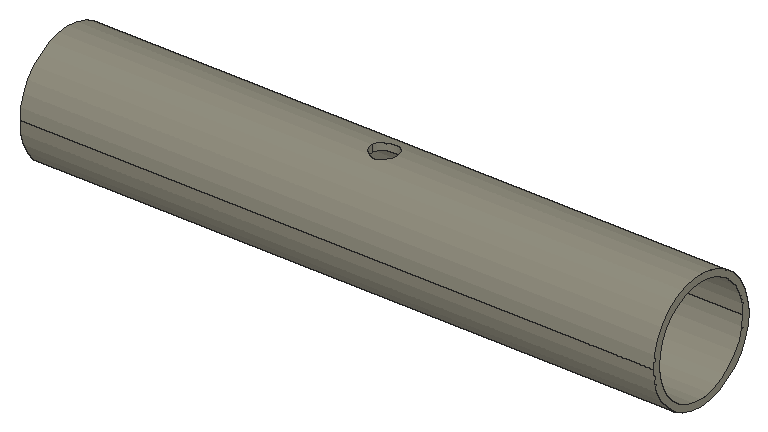
Revit family "Construction_Roof-Accessories_Alpine-SnowGuards_PP84-External-Coupling", category Specialty Equipment, Revit 2019
Family settings
  Round Connector Dimension = Use Diameter
  Part Type = Normal
  OmniClass Number = 23.35.20.31.27.14
  OmniClass Title = Snow Guards
  Work Plane-Based = No
  Always vertical = Yes
  Cut with Voids When Loaded = No
  Shared = No
  Room Calculation Point = No
Parameters (values of type "PP84")
  URL = "https://www.alpinesnowguards.com/pipe-style-accessories-page?utm_source=bimobject&utm_medium=productlisting&utm_campaign=2022marketing"
  Product data url = "https://www.bimobject.com/alpine-snowguards/product/pipe-style-snow-guard-accessories"
  Product Material [instance] = Alpine SnowGuards - Aluminium - Mill Finish
  Product Guid = "61fc9796-3cde-4d78-8ab7-833e68d74063"
  Model = "PP84"
  Manufacturer = "Alpine SnowGuards"  # constant formula
  Keynote = "07720"
  Edition number = 1
  Description = "Pipe Style Snow Guard Accessories-PP84 External Coupling"  # constant formula
  Assembly Code = "B3010"
Reference planes (in)
  plane 1 "Center (Front/Back)": y = 0
  plane 2: z = 0
  plane 3 "Center (Left/Right)": x = 0
  plane 4: x = -2.95045
  plane 5: x = 3.04948
Forms (in)
  Extrusion 1, solid, material "Alpine SnowGuards - Aluminium - Mill Finish" <- "Product Material"
    sketch origin (0, 0, 0) x (0, 1, 0) y (0, 0, 1)
      loop
        circle (0, 0) r 0.56136
      loop
        circle (0, 0) r 0.5
    from -2.95045 to 3.04948
  Extrusion 2, void
    sketch origin (0, 0, 0) x (1, 0, 0) y (0, 1, 0)
      loop
        circle (0.05396, 0) r 0.12676
    from 0.47096 to 0.57677
Cuts and joins
  Extrusion 2 cuts Extrusion 1
Dimensions and locks (in)
  aligned and locked: level to plane 2
